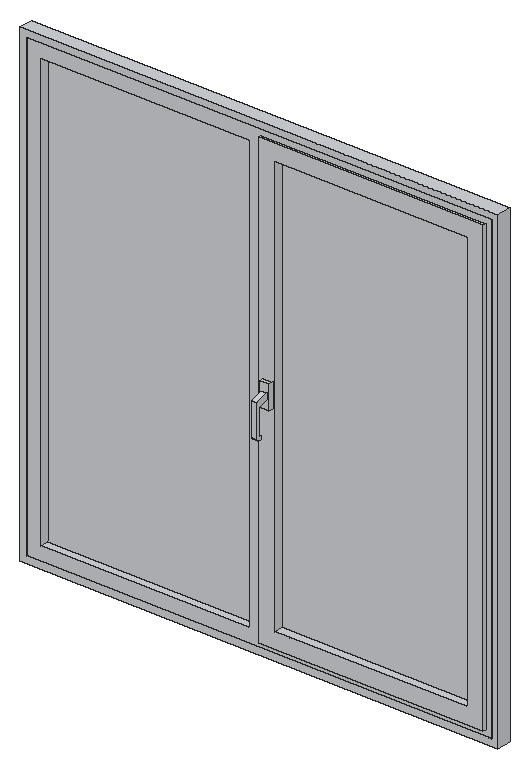
Revit family "Окно.Alumark_двустворчатое_S44", category Окна, Revit 2017
Family settings
  Основа = Стена
  Номер OmniClass = 23.30.20.00
  Заголовок OmniClass = Windows
  Всегда вертикально = Да
  При загрузке вырезать с полостями = Нет
  Общий = Нет
  Точка расчета площади = Нет
Parameters (values of type "1460х1460 (правое-откидное)")
  штапик_ширина = 18 mm  # constant formula
  штапик_толщина = if(Тип стеклопакета = сп_24_мм, 20 mm, 28 mm)  # 28 mm
  четверть.справа.размер [instance] = if(Одинаковые четверти, Четверти, Четверть справа)  # 0 mm
  стена_толщина [instance] = 600 mm
  створка_ширина = Rough Width - (рама_ширина * 2)  # 1372 mm
  створка_тип-2 = Створка оконная : 48/59 мм (ALM244202)
  створка_тип-1 = Створка оконная : 32/43 мм (ALM244201)
  створка_справа_ширина = створка_справа_размер - рама_ширина - (импост_ширина / 2)  # 655 mm
  створка_справа_размер = if(Равные створки, Rough Width / 2, Ширина створки справа)  # 730 mm
  створка_слева_ширина = Rough Width - створка_справа_размер - рама_ширина - (импост_ширина / 2)  # 655 mm
  створка_высота = Rough Height - (рама_ширина * 2)  # 1372 mm
  размер_Z = if(#_рамы = 2000000, 42 mm, 26 mm)  # 26 mm
  размер_Y = if(#_рамы = 2000000, 36 mm, 20 mm)  # 20 mm
  размер_X = if(#_створки = 20000, 59 mm, 43 mm)  # 43 mm
  профиль_створка_справа_длина = if(Створка справа = глухая_створка, 0 mm, ((створка_справа_размер - (размер_Y * 2)) + (Rough Height - (размер_Y * 2))) * 2)  # 4220 mm
  профиль_створка_слева_длина = if(Створка слева = глухая_створка, 0 mm, (((Rough Width - створка_справа_размер) - (размер_Y * 2)) + (Rough Height - (размер_Y * 2))) * 2)  # 0 mm
  подоконник_глубина [instance] = if(стена_толщина < (Вставка окна + рама_толщина), Выступ подоконника + Выступ проёма внутри, (стена_толщина + Выступ подоконника + Выступ проёма внутри) - (Вставка окна + рама_толщина))  # 586 mm
  обозначение_проема_ширина = Rough Width / 6  # 243.333 mm
  обозначение_проема_высота = Rough Height / 6  # 243.333 mm
  импост_ширина = if(#_рамы = 2000000, 78 mm, 62 mm)  # 62 mm
  глухая_створка = Окна.Alumark_створка_двупольная (S44) : Глухая
  Четверть справа [instance] = 65 mm
  четверть.слева.размер [instance] = if(Одинаковые четверти, Четверти, Четверть слева)  # 0 mm
  Четверть слева [instance] = 65 mm
  четверть.сверху.размер [instance] = if(Одинаковые четверти, Четверти, Четверть сверху)  # 0 mm
  Четверть сверху [instance] = 75 mm
  Четверти [instance] = 0 mm
  профиль створки_ширина = if(#_створки = 20000, 59 mm, 43 mm)  # 43 mm
  Тип стеклопакета = 16мм 1-камерный : 16мм 1-камерный
  Тип створки = Створка оконная : 32/43 мм (ALM244201)
  ТБМ_Стеклопакет_Ширина 2 = if(Створка слева = глухая_створка, (Rough Width - створка_справа_размер) - ((размер_Z + 7 mm) * 2), (Rough Width - створка_справа_размер) - ((размер_Y + размер_X + 4 mm) * 2))  # 664 mm
  ТБМ_Стеклопакет_Ширина 1 = if(Створка справа = глухая_створка, створка_справа_размер - ((размер_Z + 7 mm) * 2), створка_справа_размер - ((размер_Y + размер_X + 4 mm) * 2))  # 596 mm
  ТБМ_Стеклопакет_Высота 2 = if(Створка слева = глухая_створка, Rough Height - ((размер_Z + 7 mm) * 2), Rough Height - ((размер_Y + размер_X + 4 mm) * 2))  # 1394 mm
  ТБМ_Стеклопакет_Высота 1 = if(Створка справа = глухая_створка, Rough Height - ((размер_Z + 7 mm) * 2), Rough Height - ((размер_Y + размер_X + 4 mm) * 2))  # 1326 mm
  ТБМ_Соответствие рекомендациям = if(or(Rough Width > 2400 mm, Rough Height > 2500 mm), "Размеры окна не соответствует рекомендациям компании ТБМ, требуется индивидуальный подбор", "Размеры окна соответствует рекомендациям компании ТБМ")  # "Размеры окна соответствует рекомендациям компании ТБМ"
  ТБМ_Расход_Клей = ((if(#_рамы = 2000000, 5, if(#_рамы = 3000000, 7, 3.5))) * 8) + (if(Створка справа = глухая_створка, 0, if(#_створки = 30000, 10.5, if(#_створки = 40000, 15.5, 8.5))) * 4) * 2  # 96
  ТБМ_Площадь стеклопакета = (ТБМ_Стеклопакет_Высота 1 * ТБМ_Стеклопакет_Ширина 1) + (ТБМ_Стеклопакет_Высота 2 * ТБМ_Стеклопакет_Ширина 2)  # 1.71591 m²
  ТБМ_Количество_Уголок жесткости = (if(Створка справа = глухая_створка, 0, 4)) + (if(Створка слева = глухая_створка, 0, 4))  # 4
  ТБМ_Количество_Уголок выравнивающий = (if(Створка справа = глухая_створка, 0, 4)) + (if(Створка слева = глухая_створка, 0, 4)) + 4  # 8
  ТБМ_Количество_Угловой соединитель створки = (if(Створка справа = глухая_створка, 0, 4)) + (if(Створка слева = глухая_створка, 0, 4))  # 4
  ТБМ_Количество_Угловой соединитель рамы = 4  # constant formula
  ТБМ_Количество_Распорный штифт = (ТБМ_Количество_Угловой соединитель рамы * 4) + (ТБМ_Количество_Угловой соединитель створки * 4)  # 32
  ТБМ_Количество_Подкладка под СП = 12  # constant formula
  ТБМ_Длина_Штапик = (if(Створка справа = глухая_створка, ((створка_справа_размер - (размер_Z * 2)) + (Rough Height - (размер_Z * 2))) * 2, ((створка_справа_размер - ((размер_Y + размер_X) * 2)) + (Rough Height - ((размер_Y + размер_X) * 2))) * 2)) + (if(Створка слева = глухая_створка, (((Rough Width - створка_справа_размер) - (размер_Z * 2)) + (Rough Height - (размер_Z * 2))) * 2, (((Rough Width - створка_справа_размер) - ((размер_Y + размер_X) * 2)) + (Rough Height - ((размер_Y + размер_X) * 2))) * 2))  # 8048 mm
  ТБМ_Длина_Уплотнитель притвора = (if(Створка справа = глухая_створка, 0 mm, ТБМ_Длина_Створка)) + (if(Створка слева = глухая_створка, 0 mm, ТБМ_Длина_Створка))  # 4220 mm
  ТБМ_Длина_Уплотнитель наружный = (if(Створка справа = глухая_створка, ТБМ_Длина_Рама, ТБМ_Длина_Створка)) + (if(Створка слева = глухая_створка, ТБМ_Длина_Рама, ТБМ_Длина_Створка))  # 10060 mm
  ТБМ_Длина_Уплотнитель внутренний = (if(Створка справа = глухая_створка, ТБМ_Длина_Рама, ТБМ_Длина_Створка)) + (if(Створка слева = глухая_створка, ТБМ_Длина_Рама, ТБМ_Длина_Створка))  # 10060 mm
  ТБМ_Длина_Створка = профиль_створка_слева_длина + профиль_створка_справа_длина  # 4220 mm
  ТБМ_Длина_Рама = (Rough Width + Rough Height) * 2  # 5840 mm
  ТБМ_Длина_Отлив = (if(Створка справа = глухая_створка, 0 mm, створка_справа_размер - (размер_Y * 2) - 74 mm)) + (if(Створка слева = глухая_створка, 0 mm, (Rough Width - створка_справа_размер) - (размер_Y * 2) - 74 mm))  # 616 mm
  ТБМ_Длина_Импост = Rough Height - (размер_Y * 2)  # 1420 mm
  ТБМ_Артикул_Штапик = if(Тип стеклопакета = сп_24_мм, "ALM244006", "ALM244013")  # "ALM244013"
  ТБМ_Артикул_Уплотнитель притвора = if(and(Створка справа = глухая_створка, Створка слева = глухая_створка), "", "ALM770001")  # "ALM770001"
  ТБМ_Артикул_Уплотнитель наружный = "ALM770004"  # constant formula
  ТБМ_Артикул_Уплотнитель внутренний = "ALM770207"  # constant formula
  ТБМ_Артикул_Уголок жесткости = if(and(Створка справа = глухая_створка, Створка слева = глухая_створка), "", "ALM744501")  # "ALM744501"
  ТБМ_Артикул_Уголок выравнивающий = "ALM744014"  # constant formula
  ТБМ_Артикул_Угловой соединитель створки = if(and(Створка справа = глухая_створка, Створка слева = глухая_створка), "", if(#_створки = 20000, "ALM420015", "ALM420011"))  # "ALM420011"
  ТБМ_Артикул_Угловой соединитель рамы = if(#_рамы = 2000000, "ALM420015", "ALM420011")  # "ALM420011"
  ТБМ_Артикул_Створка = if(and(Створка справа = глухая_створка, Створка слева = глухая_створка), "", if(#_створки = 20000, "ALM244202", "ALM244201"))  # "ALM244201"
  ТБМ_Артикул_Распорный штифт = "ALM885010"  # constant formula
  ТБМ_Артикул_Рама = if(#_рамы = 2000000, "ALM244102", "ALM244101")  # "ALM244101"
  ТБМ_Артикул_Подкладка под СП = "ALM740307"  # constant formula
  ТБМ_Артикул_Отлив = if(and(Створка справа = глухая_створка, Створка слева = глухая_створка), "", "ALM460035-1.07")  # "ALM460035-1.07"
  ТБМ_Артикул_Клей = "KMR0014"  # constant formula
  ТБМ_Артикул_Импост = if(#_рамы = 2000000, "ALM244302", "ALM244301")  # "ALM244301"
  Ширина створки справа = 600 mm
  Створка слева = Окна.Alumark_створка_двупольная (S44) : Глухая
  Створка справа = Окна.Alumark_створка_двупольная (S44) : Правая-откидная
  Тип рамы = Рама оконная : 44/26 мм (ALM244101)
  Тип подоконника [instance] = Окна.Alumark_подоконник : ПВХ
  таблица выбора = "Каталог_окна_S44"  # constant formula
  номер профиля = #_рамы + #_створки + if(Тип стеклопакета = сп_24_мм, 200, 100) + if(Заполнение стеклопакета = sp_energy, 2, if(Заполнение стеклопакета = sp_gaz, 3, 1))  # 1010101
  Разработчик (телефон) = "+7(495)649-85-43"  # constant formula
  Разработчик (e-mail) = "office@prorubim.com"  # constant formula
  Разработчик = "ООО ПРОРУБИМ"  # constant formula
  Равные створки = yes
  Материал фурнитуры = none
  Материал стекла = none
  рама_ширина = if(#_рамы = 2000000, 60 mm, 44 mm)  # 44 mm
  рама_толщина = 44 mm  # constant formula
  Материал рамы/створки = none
  Одинаковые четверти [instance] = yes
  Одинаковые монтажные зазоры [instance] = yes
  Type Comments = ""
  Type Image = схема_двупольное.png
  Заполнение стеклопакета = Обычный стеклопакет : Обычный стеклопакет
  Выступ проёма снаружи [instance] = 0 mm
  Выступ проёма внутри [instance] = 0 mm
  Выступ подоконника [instance] = 30 mm
  Материал подоконника = none
  Подоконник [instance] = no
  Отлив [instance] = no
  монтажный зазор.справа.размер [instance] = if(Одинаковые монтажные зазоры, Монтажные зазоры, [Монтажный зазор (справа)])  # 20 mm
  Монтажный зазор (справа) [instance] = 10 mm
  монтажный зазор.снизу.размер [instance] = if(Одинаковые монтажные зазоры, Монтажные зазоры, [Монтажный зазор (снизу)])  # 20 mm
  Монтажный зазор (снизу) [instance] = 10 mm
  монтажный зазор.слева.размер [instance] = if(Одинаковые монтажные зазоры, Монтажные зазоры, [Монтажный зазор (слева)])  # 20 mm
  Монтажный зазор (слева) [instance] = 10 mm
  монтажный зазор.сверху.размер [instance] = if(Одинаковые монтажные зазоры, Монтажные зазоры, [Монтажный зазор (сверху)])  # 20 mm
  Монтажный зазор (сверху) [instance] = 10 mm
  Монтажные зазоры [instance] = 20 mm
  Вставка окна [instance] = 0 mm
  Width [instance] = Rough Width + монтажный зазор.слева.размер + монтажный зазор.справа.размер  # 1500 mm
  Thermal Resistance (R) = 0.1743 (m²·K)/W
  Visual Light Transmittance = 0.9
  Rough Width = 1460 mm
  Rough Height = 1460 mm
  Описание = "Окно Проем ТБМ"
  Материал отлива = none
  Solar Heat Gain Coefficient = 0.86
  Коэффициент теплопередачи (U) = 5.7361 W/(m²·K)
  Изготовитель = "ТБМ"  # constant formula
  Model = ""
  Высота подоконника по умолчанию = 900 mm
  Замыкание стены = По основе
  Height [instance] = Rough Height + монтажный зазор.сверху.размер + монтажный зазор.снизу.размер  # 1500 mm
  Аналитическая конструкция = "Окна с одинарным остеклением - для жилых зданий"
  Автоматический подбор рамы и створки = yes
  sp_standart = Обычный стеклопакет : Обычный стеклопакет
  sp_gaz = Заполненный газом : Заполненный газом
  sp_energy = Энергосберегающие стекла : Энергосберегающие стекла
  ADSK_Марка [instance] = ""
  рама_тип-2 = Рама оконная : 60/42 мм (ALM244102)
  рама_тип-1 = Рама оконная : 44/26 мм (ALM244101)
  URL = "http://www.tbm.ru"
  ADSK_Откосы Глубина [instance] = 556 mm
  ADSK_Обозначение = "ГОСТ 21519-2003"
  ADSK_Наименование = size_lookup(таблица выбора, "", "ОАК СПО", номер профиля)  # "ОАК (Профиль рамы 44/26 мм. Профиль створки 32/43 мм) СПО (Обычный стеклопакет 16 мм)"
  сп_16_мм = 16мм 1-камерный : 16мм 1-камерный
  сп_24_мм = 24мм 1-камерный : 24мм 1-камерный
  ADSK_Завод-изготовитель = "ТБМ"  # constant formula
  #_створки = if(Створка справа = глухая_створка, 0, if(Автоматический подбор рамы и створки, if(and(not(Rough Width > 1600 mm), not(Rough Height > 1600 mm)), 10000, 20000), if(Тип створки = [створка_тип-2], 20000, 10000)))  # 10000
  #_рамы = if(Автоматический подбор рамы и створки, if(and(not(Rough Width > 1600 mm), not(Rough Height > 1600 mm)), 1000000, 2000000), if(Тип рамы = [рама_тип-2], 2000000, 1000000))  # 1000000
Reference planes
  plane 1 "По центру (Вперед/Назад)": y = 0
  plane 2 "По центру (Влево/Вправо)": x = 0
  plane 3 "Слева": x = -750
  plane 4 "Справа": x = 750
  plane 5 "Подоконник": z = 900
  plane 6 "Заголовок": z = 2400
  plane 7 "Наружный": y = 300
  plane 8 "Внутренние": y = -300
  plane 9 "вставка окна": y = 300
  plane 10: x = -750
  plane 11: x = 750
  plane 12: z = 2400
  plane 13: x = -730
  plane 14: x = 730
  plane 15: z = 2380
  plane 16: z = 920
  plane 17: y = 256
  plane 18: y = 300
  plane 19: y = -300
  plane 20: x = 0
  plane 21: y = 246
Forms (mm)
  Extrusion 1, solid, material <- "Материал рамы/створки", detail levels medium+fine
    sketch origin (0, 300, 0) x (1, 0, 0) y (0, 0, 1)
      loop
        line (-750, 2400) -> (-750, 900) -> (750, 900) -> (750, 2400) -> (-750, 2400)
    from 0 to 44
  Extrusion 2, void
    sketch origin (0, 300, 0) x (1, 0, 0) y (0, 0, 1)
      loop
        line (730, 2380) -> (-730, 2380) -> (-730, 920) -> (730, 920) -> (730, 2380)
    from 0 to 44
  Extrusion 3, void
    sketch origin (0, 300, 0) x (1, 0, 0) y (0, 0, 1)
      loop
        line (750, 900) -> (750, 2400) -> (-750, 2400) -> (-750, 900) -> (750, 900)
    from 0 to 44
  Extrusion 4, void
    sketch origin (0, -300, 0) x (1, 0, 0) y (0, 0, 1)
      loop
        line (-750, 900) -> (750, 900) -> (750, 2400) -> (-750, 2400) -> (-750, 900)
    from -600 to 0
  Sweep 5, solid, material <- "Материал рамы/створки", detail levels medium+fine
    path origin (0, 300, 0) x (-1, 0, 0) y (0, 0, 1)
      loop
        line (730, 920) -> (730, 2380) -> (-730, 2380) -> (-730, 920) -> (730, 920)
    profile origin (-730, 300, 1650) x (1, 0, 0) y (0, 1, 0)
      loop
        line (0, 0) -> (0, -44) -> (44, -44) -> (44, 0) -> (0, 0)
  Extrusion 6, solid, material <- "Материал отлива", visible <- "Отлив", detail levels fine
    sketch origin (0, 0, 0) x (0, -1, 0) y (0, 0, 1)
      loop
        line (-300, 900) -> (-300, 925) -> (-320, 900) -> (-300, 900)
    from -750 to 750
  Extrusion 7, solid, material <- "Материал стекла", detail levels coarse
    sketch origin (0, 300, 0) x (-1, 0, 0) y (0, 0, 1)
      loop
        line (750, 900) -> (750, 2400) -> (-750, 2400) -> (-750, 900) -> (750, 900)
    from 0 to -44
  Extrusion 8, solid, material <- "Материал рамы/створки", detail levels medium+fine
    sketch origin (-1774.642, -245, 920) x (-1, 0, 0) y (0, -1, 0)
      loop
        line (-1743.642, -545) -> (-1743.642, -501) -> (-1805.642, -501) -> (-1805.642, -545) -> (-1743.642, -545)
    from 0 to 1460
Cuts and joins
  Extrusion 2 cuts Extrusion 1
  joined: Sweep 5, Extrusion 8
Lines and regions (mm)
  Masking region 1, detail levels coarse+medium
    outline origin (0, 0, 0) x (1, 0, 0) y (0, 1, 0)
      loop
        line (-750, 256) -> (-686, 256) -> (-686, 300) -> (-750, 300) -> (-750, 256)
  Masking region 2, detail levels coarse+medium
    outline origin (-863.485, 0, 0) x (0, 1, 0) y (-1, 0, 0)
      loop
        line (256, -1613.485) -> (300, -1613.485) -> (300, -1549.485) -> (256, -1549.485) -> (256, -1613.485)
  Masking region 3, detail levels coarse+medium
    outline origin (0, 0, 0) x (0, -1, 0) y (0, 0, 1)
      loop
        line (-300, 964) -> (-300, 900) -> (-256, 900) -> (-256, 964) -> (-300, 964)
      loop
        line (-300, 2336) -> (-256, 2336) -> (-256, 2400) -> (-300, 2400) -> (-300, 2336)
  Masking region 4, detail levels fine
    outline origin (0, 0, 0) x (1, 0, 0) y (0, 1, 0)
      loop
        line (-750, 300) -> (-750, 256) -> (-704, 256) -> (-704, 274) -> (-704, 290) -> (-686, 290) -> (-686, 300) -> (-750, 300)
      loop
        line (750, 300) -> (686, 300) -> (686, 290) -> (704, 290) -> (704, 274) -> (704, 256) -> (750, 256) -> (750, 300)
      loop
        line (-31, 300) -> (-31, 290) -> (-13, 290) -> (-13, 274) -> (-13, 256) -> (13, 256) -> (13, 274) -> (13, 290) -> (31, 290) -> (31, 300) -> (-31, 300)
  Masking region 5, visible <- "Отлив", detail levels fine
    outline origin (0, 0, 0) x (1, 0, 0) y (0, 1, 0)
      loop
        line (-750, 320) -> (-750, 300) -> (750, 300) -> (750, 320) -> (-750, 320)
  Masking region 6, detail levels fine
    outline origin (0, 0, 0) x (0, -1, 0) y (0, 0, 1)
      loop
        line (-300, 2400) -> (-300, 2336) -> (-291, 2336) -> (-291, 2354) -> (-284, 2354) -> (-256, 2354) -> (-256, 2400) -> (-300, 2400)
      loop
        line (-300, 900) -> (-256, 900) -> (-256, 946) -> (-284, 946) -> (-291, 946) -> (-291, 964) -> (-300, 964) -> (-300, 900)
  Masking region 7, detail levels coarse+medium
    outline origin (270, 0, 0) x (1, 0, 0) y (0, 1, 0)
      loop
        line (-301, 256) -> (-239, 256) -> (-239, 300) -> (-301, 300) -> (-301, 256)
  symbolic lines, style "Монтажный зазор", detail levels medium+fine
    curve 1: line (-730, 256, 0) -> (-730, 300, 0)
    curve 2: line (730, 256, 0) -> (730, 300, 0)
    curve 15: line (0, 300, 2380) -> (0, 256, 2380)
    curve 20: line (0, 300, 920) -> (0, 256, 920)
  symbolic lines, style "WindowsFrameMullionProjection", detail levels medium
    curve 3: line (-750, 300, 0) -> (-686, 300, 0)
    curve 4: line (-750, 256, 0) -> (-750, 300, 0)
    curve 5: line (-686, 256, 0) -> (-750, 256, 0)
    curve 6: line (-686, 300, 0) -> (-686, 256, 0)
    curve 7: line (750, 300, 0) -> (686, 300, 0)
    curve 8: line (750, 256, 0) -> (750, 300, 0)
    curve 9: line (686, 256, 0) -> (750, 256, 0)
    curve 10: line (686, 300, 0) -> (686, 256, 0)
    curve 11: line (0, 300, 2336) -> (0, 256, 2336)
    curve 12: line (0, 300, 2400) -> (0, 300, 2336)
    curve 13: line (0, 256, 2400) -> (0, 300, 2400)
    curve 14: line (0, 256, 2336) -> (0, 256, 2400)
    curve 16: line (0, 300, 900) -> (0, 256, 900)
    curve 17: line (0, 300, 964) -> (0, 300, 900)
    curve 18: line (0, 256, 964) -> (0, 300, 964)
    curve 19: line (0, 256, 900) -> (0, 256, 964)
    curve 25: line (31, 256, 0) -> (31, 300, 0)
    curve 26: line (-31, 300, 0) -> (-31, 256, 0)
    curve 27: line (-31, 256, 0) -> (31, 256, 0)
    curve 28: line (31, 300, 0) -> (-31, 300, 0)
  symbolic lines, style "WindowsSillHeadProjection", visible <- "Отлив", detail levels fine
    curve 21: line (0, 300, 930) -> (0, 320, 900)
    curve 22: line (0, 320, 900) -> (0, 320, 880)
  symbolic lines, style "WindowsOpeningProjection", detail levels coarse
    curve 23: line (750, 300, 900) -> (506.667, 300, 2156.667)
    curve 24: line (506.667, 300, 2156.667) -> (-750, 300, 2400)
Text (mm)
  text "снаружи" at (-3563.287, 2147.979, 0), in view "Опорный уровень"
  text "внутри" at (-3563.287, -2095.377, 0), in view "Опорный уровень"
  text "Exterior" at (0, 923.751, 2943.296), in view "Справа"
  text "Exterior" at (0, 1040.484, 2685.409), in view "Слева"
Dimensions and locks
  equal spacing: plane 3 "Слева", plane 2 "По центру (Влево/Вправо)", plane 4 "Справа"
  "Width": plane 3 "Слева" to plane 4 "Справа"
  "Height": plane 5 "Подоконник" to plane 6 "Заголовок"
  "Высота подоконника по умолчанию": plane 5 "Подоконник" to level
  locked: plane 7 "Наружный" to host wall at 0
  locked: plane 8 "Внутренние" to host wall
  "Вставка окна": plane 9 "вставка окна" to plane 7 "Наружный"
  "четверть.слева.размер": plane 3 "Слева" to plane 10
  "четверть.справа.размер": plane 11 to plane 4 "Справа"
  "четверть.сверху.размер": plane 12 to plane 6 "Заголовок"
  "монтажный зазор.слева.размер": plane 3 "Слева" to plane 13
  "монтажный зазор.справа.размер": plane 14 to plane 4 "Справа"
  "монтажный зазор.снизу.размер": plane 16 to plane 5 "Подоконник"
  "монтажный зазор.сверху.размер": plane 6 "Заголовок" to plane 15
  "рама_толщина": plane 9 "вставка окна" to plane 17
  "Выступ проёма снаружи": plane 7 "Наружный" to plane 18
  "Выступ проёма внутри": plane 19 to plane 8 "Внутренние"
  "рама_ширина": plane 13 to curve 6
  "рама_ширина": curve 10 to plane 14
  "рама_ширина": plane 13 to Masking region 1 sketch curve
  "рама_ширина": Masking region 2 sketch curve to plane 14
  "рама_ширина": plane 15 to curve 11
  "рама_ширина": plane 16 to curve 18
  locked: Extrusion 6 sketch curve to plane 18 at 20
  locked: Extrusion 6 sketch curve to plane 16 at 5
  "рама_ширина": plane 13 to Masking region 4 sketch curve
  locked: plane 9 "вставка окна" to Masking region 4 sketch curve at 10  (x4)
  "штапик_ширина": Masking region 4 sketch curve to Masking region 4 sketch curve  (x4)
  "рама_ширина": Masking region 4 sketch curve to plane 14
  "штапик_толщина": Masking region 4 sketch curve to plane 21  (x4)
  locked: curve 22 to plane 18 at 20
  locked: curve 22 to plane 5 "Подоконник" at 20
  locked: curve 21 to plane 16 at 10
  locked: plane 18 to Masking region 5 sketch curve at 20
  "рама_ширина": Masking region 3 sketch curve to plane 16
  "рама_ширина": Masking region 3 sketch curve to plane 15
  "рама_ширина": plane 15 to Masking region 6 sketch curve
  locked: plane 9 "вставка окна" to Masking region 6 sketch curve at 9  (x2)
  "штапик_толщина": Masking region 6 sketch curve to plane 17  (x2)
  "штапик_ширина": Masking region 6 sketch curve to Masking region 6 sketch curve  (x2)
  "рама_ширина": Masking region 6 sketch curve to plane 16
  "ADSK_Откосы Глубина": plane 17 to plane 8 "Внутренние"
  "обозначение_проема_высота": curve 24 to plane 12
  "обозначение_проема_ширина": plane 11 to curve 24
  "рама_ширина": profile plane to Sweep 5 sketch curve
  "рама_толщина": profile plane to Sweep 5 sketch curve
  "стена_толщина": host wall to host wall
  "створка_справа_размер": plane 20 to plane 14
  equal spacing: Extrusion 8 sketch curve, plane 20, Extrusion 8 sketch curve
  "рама_толщина": plane 9 "вставка окна" to Extrusion 8 sketch curve
  "импост_ширина": Extrusion 8 sketch curve to Extrusion 8 sketch curve
  equal spacing: Masking region 7 sketch curve, plane 20, Masking region 7 sketch curve
  "импост_ширина": Masking region 7 sketch curve to Masking region 7 sketch curve
  equal spacing: Masking region 4 sketch curve, plane 20, Masking region 4 sketch curve
  "импост_ширина": Masking region 4 sketch curve to Masking region 4 sketch curve
  locked: plane 17 to plane 21 at 10
  aligned and locked: plane 6 "Заголовок" to Extrusion 1 sketch curve
  aligned and locked: plane 5 "Подоконник" to Extrusion 1 sketch curve
  aligned and locked: plane 4 "Справа" to Extrusion 1 sketch curve
  aligned and locked: plane 3 "Слева" to Extrusion 1 sketch curve
  aligned and locked: plane 9 "вставка окна" to Extrusion 1
  aligned and locked: Extrusion 1 to plane 17
  aligned and locked: plane 15 to Extrusion 2 sketch curve
  aligned and locked: Extrusion 2 sketch curve to plane 14
  aligned and locked: Extrusion 2 sketch curve to plane 16
  aligned and locked: plane 13 to Extrusion 2 sketch curve
  aligned and locked: plane 9 "вставка окна" to Extrusion 2
  aligned and locked: Extrusion 2 to plane 17
  aligned and locked: plane 11 to Extrusion 3 sketch curve
  aligned and locked: plane 10 to Extrusion 3 sketch curve
  aligned and locked: plane 12 to Extrusion 3 sketch curve
  aligned and locked: plane 5 "Подоконник" to Extrusion 3 sketch curve
  aligned and locked: plane 18 to Extrusion 3
  aligned and locked: Extrusion 3 to plane 17
  aligned and locked: Extrusion 4 sketch curve to plane 3 "Слева"
  aligned and locked: Extrusion 4 sketch curve to plane 6 "Заголовок"
  aligned and locked: Extrusion 4 sketch curve to plane 4 "Справа"
  aligned and locked: Extrusion 4 sketch curve to plane 5 "Подоконник"
  aligned and locked: plane 9 "вставка окна" to Extrusion 4
  aligned and locked: Extrusion 4 to plane 19
  aligned and locked: plane 15 to Sweep 5 sketch curve
  aligned and locked: plane 16 to Sweep 5 sketch curve
  aligned and locked: curve 1 to plane 13
  aligned and locked: curve 2 to plane 14
  aligned and locked: plane 17 to curve 1
  aligned and locked: plane 9 "вставка окна" to curve 2
  aligned and locked: plane 17 to curve 2
  aligned and locked: curve 3 to plane 9 "вставка окна"
  aligned and locked: plane 17 to curve 5
  aligned and locked: curve 4 to plane 3 "Слева"
  aligned and locked: curve 8 to plane 4 "Справа"
  aligned and locked: curve 9 to plane 17
  aligned and locked: Masking region 1 sketch curve to plane 9 "вставка окна"
  aligned and locked: Masking region 1 sketch curve to plane 17
  aligned and locked: Masking region 1 sketch curve to plane 3 "Слева"
  aligned and locked: plane 17 to Masking region 2 sketch curve
  aligned and locked: plane 9 "вставка окна" to Masking region 2 sketch curve
  aligned and locked: Masking region 2 sketch curve to plane 4 "Справа"
  aligned and locked: Masking region 3 sketch curve to plane 9 "вставка окна"
  aligned and locked: plane 17 to Masking region 3 sketch curve
  aligned and locked: Masking region 3 sketch curve to plane 5 "Подоконник"
  aligned and locked: curve 13 to plane 6 "Заголовок"
  aligned and locked: curve 14 to plane 17
  aligned and locked: plane 9 "вставка окна" to curve 15
  aligned and locked: plane 17 to curve 15
  aligned and locked: curve 15 to plane 15
  aligned and locked: plane 9 "вставка окна" to curve 17
  aligned and locked: plane 5 "Подоконник" to curve 16
  aligned and locked: plane 9 "вставка окна" to curve 20
  aligned and locked: plane 17 to curve 20
  aligned and locked: curve 20 to plane 16
  aligned and locked: Extrusion 6 sketch curve to plane 5 "Подоконник"
  aligned and locked: Extrusion 6 sketch curve to plane 9 "вставка окна"
  aligned and locked: Extrusion 6 to plane 10
  aligned and locked: plane 11 to Extrusion 6
  aligned and locked: nested 2 to plane 2 "По центру (Влево/Вправо)"
  aligned and locked: plane 5 "Подоконник" to nested 2
  aligned and locked: Masking region 4 sketch curve to plane 3 "Слева"
  aligned and locked: plane 17 to Masking region 4 sketch curve  (x2)
  aligned and locked: Masking region 4 sketch curve to plane 9 "вставка окна"  (x2)
  aligned and locked: Masking region 4 sketch curve to plane 4 "Справа"
  aligned and locked: Masking region 4 sketch curve to plane 17
  aligned and locked: plane 9 "вставка окна" to Masking region 4 sketch curve
  aligned and locked: plane 5 "Подоконник" to curve 22
  aligned and locked: nested 2 to plane 17
  aligned and locked: plane 10 to Masking region 5 sketch curve
  aligned and locked: Masking region 5 sketch curve to plane 11
  aligned and locked: plane 9 "вставка окна" to Masking region 5 sketch curve
  aligned and locked: plane 9 "вставка окна" to Masking region 3 sketch curve
  aligned and locked: Masking region 3 sketch curve to plane 17
  aligned and locked: Masking region 3 sketch curve to plane 6 "Заголовок"
  aligned and locked: plane 9 "вставка окна" to Masking region 6 sketch curve
  aligned and locked: plane 6 "Заголовок" to Masking region 6 sketch curve
  aligned and locked: plane 17 to Masking region 6 sketch curve
  aligned and locked: Masking region 6 sketch curve to Masking region 6 sketch curve  (x2)
  aligned and locked: Masking region 6 sketch curve to plane 9 "вставка окна"
  aligned and locked: Masking region 6 sketch curve to plane 17
  aligned and locked: plane 5 "Подоконник" to Masking region 6 sketch curve
  aligned and locked: plane 3 "Слева" to Extrusion 7 sketch curve
  aligned and locked: plane 4 "Справа" to Extrusion 7 sketch curve
  aligned and locked: plane 6 "Заголовок" to Extrusion 7 sketch curve
  aligned and locked: plane 5 "Подоконник" to Extrusion 7 sketch curve
  aligned and locked: Extrusion 7 to plane 17
  aligned and locked: Sweep 5 sketch curve to profile plane  (x2)
  aligned and locked: nested 1 to Sweep 5
  aligned and locked: plane 13 to Sweep 5
  aligned and locked: plane 13 to Sweep 5 sketch curve
  aligned and locked: plane 14 to Sweep 5 sketch curve
  aligned and locked: Extrusion 8 sketch curve to plane 9 "вставка окна"
  aligned and locked: plane 15 to Extrusion 8
  aligned and locked: nested 1 to cut or joined group of Sweep 5, Extrusion 8
  aligned and locked: nested 3 to cut or joined group of Sweep 5, Extrusion 8  (x2)
  aligned and locked: Masking region 7 sketch curve to plane 17
  aligned and locked: Masking region 7 sketch curve to plane 9 "вставка окна"
  aligned and locked: curve 25 to Masking region 7
  aligned and locked: curve 26 to Masking region 7
  aligned and locked: curve 27 to Masking region 7
  aligned and locked: curve 28 to Masking region 7
Automatic sketch dimensions
  curve 27 to plane 17 = 0 mm
  curve 26 to host wall = 0 mm
  plane 2 "По центру (Влево/Вправо)" to curve 27 = 31 mm
  curve 28 to plane 2 "По центру (Влево/Вправо)" = 31 mm
  plane 3 "Слева" to curve 24 = 0 mm
  plane 4 "Справа" to curve 23 = 0 mm
  curve 23 to plane 5 "Подоконник" = 0 mm
  curve 24 to plane 6 "Заголовок" = 0 mm
Nested families
  nested 1: "Окна.Alumark_створка_двупольная (S44)" at (358.5, 300, 1650) x (1, 0, 0) z (0, -1, 0), type <- "Створка справа", профиль_толщина <- "рама_толщина", штапик_толщина <- "штапик_толщина", штапик_ширина <- "штапик_ширина", профиль_ширина <- "профиль створки_ширина", Height <- "створка_высота", Width <- "створка_справа_ширина", ADSK_Марка <- "ADSK_Марка", Материал створки <- "Материал рамы/створки", Материал стекла <- "Материал стекла", Материал фурнитуры <- "Материал фурнитуры", type "Правая-откидная"
    with штапик_ширина 18 mm, штапик_толщина 28 mm, профиль_ширина 43 mm, профиль_толщина 44 mm, Width 655 mm, Материал фурнитуры none, Материал стекла none, Материал створки none, Height 1372 mm, ADSK_Марка ""
  nested 2: "Окна.Alumark_подоконник" at (0, 256, 900), Материал подоконника <- "Материал подоконника", Width <- "Width", type <- "Тип подоконника", visible <- "Подоконник", выступ_подоконника <- "Выступ подоконника", ADSK_Размер_Глубина <- "подоконник_глубина", ADSK_Марка <- "ADSK_Марка", type "ПВХ", detail levels medium+fine
    with выступ_подоконника_размер 30 mm, выступ_подоконника 30 mm, Width 1500 mm, Материал подоконника none, ADSK_Размер_Глубина 586 mm, ADSK_Марка ""
  nested 3: "Окна.Alumark_створка_двупольная (S44)" at (-358.5, 300, 1650) x (1, 0, 0) z (0, -1, 0), type <- "Створка слева", профиль_толщина <- "рама_толщина", штапик_толщина <- "штапик_толщина", штапик_ширина <- "штапик_ширина", профиль_ширина <- "профиль створки_ширина", Height <- "створка_высота", Width <- "створка_слева_ширина", ADSK_Марка <- "ADSK_Марка", Материал створки <- "Материал рамы/створки", Материал стекла <- "Материал стекла", Материал фурнитуры <- "Материал фурнитуры", type "Глухая"
    with штапик_ширина 18 mm, штапик_толщина 28 mm, профиль_ширина 43 mm, профиль_толщина 44 mm, Width 655 mm, Материал фурнитуры none, Материал стекла none, Материал створки none, Height 1372 mm, ADSK_Марка ""
  nested 4: "Окна.Alumark_фурнитура_поворотно-откидная двупольная (S44)" at (34.5, 246, 1650) x (1, 0, 0) z (0, -1, 0), type "Окна.Alumark_фурнитура_поворотно-откидная двупольная (S44)"
    with Width 655 mm, ТБМ_Фурн_Кол_7 0, ТБМ_Фурн_Кол_6 0, ТБМ_Фурн_Кол_5 1, ТБМ_Фурн_Кол_4 1, ТБМ_Фурн_Кол_3 1, ТБМ_Фурн_Кол_2 1, ТБМ_Фурн_Кол_1 1, ТБМ_Фурн_Имя_7 "", ТБМ_Фурн_Имя_6 " ", ТБМ_Фурн_Имя_5 "Ножницы №1", ТБМ_Фурн_Имя_4 "Запорные элементы", ТБМ_Фурн_Имя_3 "Средний прижим", ТБМ_Фурн_Имя_2 "Петли комплект", ТБМ_Фурн_Имя_1 "Ручка Prima", ТБМ_Фурн_Арт_7 "", ТБМ_Фурн_Арт_6 " ", ТБМ_Фурн_Арт_5 "GIE1340", ТБМ_Фурн_Арт_4 "GIE1399", ТБМ_Фурн_Арт_3 "GIE1341", ТБМ_Фурн_Арт_2 "GIE1340", ТБМ_Фурн_Арт_1 "GIE1169", ТБМ_Соответствие рекомендациям "Размеры окна соответствует рекомендациям компании ТБМ", Материал ручки none, Левая no, Height 1372 mm, ADSK_Марка ""
Definition of nested family "Окна.Alumark_створка_двупольная (S44)"
  Parameters (values of type "Глухая")
    штапик_ширина [instance] = 18 mm
    штапик_толщина [instance] = 22 mm
    ручка_справа (откидная) = no
    ручка_снизу = no
    ручка_слева (откидная) = no
    Материал фурнитуры [instance] = none
    Материал стекла [instance] = none
    ручка_справа = no
    ручка_слева = no
    ручка_сверху = no
    профиль_ширина [instance] = 55 mm
    профиль_толщина [instance] = 60 mm
    Материал створки [instance] = none
    открывание.правое = no
    открывание.нижнее = no
    открывание.верхнее = no
    открывание.левое = no
    открывание = no
    графика.план.глухое = not(графика.план.открывание)  # yes
    глухое = not(открывание)  # yes
    графика.план.открывание = no
    Width [instance] = 900 mm
    Default Elevation = 0 mm
    Description = "Окно Створка ТБМ"
    Height [instance] = 900 mm
    Analytic Construction = "<Нет>"
    ADSK_Марка [instance] = ""
  Types (5, lengths in mm): name | штапик_толщина | ручка_справа (откидная) | ручка_слева (откидная) | ручка_справа | ручка_слева | открывание.правое | открывание.верхнее | открывание.левое | открывание | графика.план.глухое | глухое | графика.план.открывание | Height
    Глухая | 22 | no | no | no | no | no | no | no | no | yes | yes | no | 900
    Левая | 18 | no | no | no | yes | no | no | yes | yes | no | no | yes | 900
    Правая | 18 | no | no | yes | no | yes | no | no | yes | no | no | yes | 1000
    Левая-откидная | 18 | no | yes | no | no | no | yes | yes | yes | no | no | yes | 1000
    Правая-откидная | 18 | yes | no | no | no | yes | yes | no | yes | no | no | yes | 1000
  Reference planes
    plane 1 "Центрирование (Вверх/Вниз)": y = 0
    plane 2: z = 0
    plane 3 "По центру (Влево/Вправо)": x = 0
    plane 4: x = -450
    plane 5: x = 450
    plane 6: y = 450
    plane 7: y = -450
    plane 8: z = 70
    plane 9: x = -440.5
    plane 10: x = 440.5
    plane 11: y = 440.5
    plane 12: y = -440.5
    plane 13: x = -413
    plane 14: x = 413
    plane 15: y = 413
    plane 16: y = -413
    plane 17: z = 10
    plane 18: y = -468
    plane 19: y = 468
    plane 20: x = 468
    plane 21: x = -468
    plane 22: z = 48
    plane 23: z = 60
  Forms (mm)
    Extrusion 1, solid
      sketch origin (0, 0, 0) x (1, 0, 0) y (0, 1, 0)
        loop
          line (-1219.2, 1219.2) -> (-1219.2, -1219.2) -> (1219.2, -1219.2) -> (1219.2, 1219.2) -> (-1219.2, 1219.2)
      from 0 to -150
    Extrusion 2, solid, material <- "Материал стекла", visible <- "открывание", detail levels medium+fine
      sketch origin (-1534.635, -4572, 10) x (-1, 0, 0) y (0, -1, 0)
        loop
          line (-1947.635, -4159) -> (-1947.635, -4985) -> (-1121.635, -4985) -> (-1121.635, -4159) -> (-1947.635, -4159)
      from 0 to 38
    Sweep 3, solid, material <- "Материал створки", visible <- "открывание", detail levels medium+fine
      path origin (0, 0, 0) x (1, 0, 0) y (0, 1, 0)
        loop
          line (-450, 450) -> (-450, -450) -> (450, -450) -> (450, 450) -> (-450, 450)
      profile origin (-450, 0, 0) x (1, 0, 0) y (0, 0, 1)
        loop
          line (0, 10) -> (6, 10) -> (6, 0) -> (37, 0) -> (37, 70) -> (-25, 70) -> (-25, 60) -> (0, 60) -> (0, 10)
    Extrusion 4, solid, material <- "Материал стекла", visible <- "глухое", detail levels medium+fine
      sketch origin (0, 0, 0) x (1, 0, 0) y (0, 1, 0)
        loop
          line (-450, 450) -> (-450, -450) -> (450, -450) -> (450, 450) -> (-450, 450)
      from 10 to 38
    Extrusion 5, solid, material <- "Материал створки", visible <- "открывание", detail levels fine
      sketch origin (0, 0, 0) x (0, 1, 0) y (0, 0, 1)
        loop
          line (-444, 0) -> (-444, -15) -> (-439, -15) -> (-431.5, 0) -> (-444, 0)
      from -440 to 440
  Lines and regions (mm)
    Masking region 1, visible <- "графика.план.открывание", detail levels fine
      outline origin (0, 0, 0) x (1, 0, 0) y (0, 0, 1)
        loop
          line (-475, 70) -> (-475, 60) -> (-468, 60) -> (-468, 10) -> (-450, 10) -> (-450, 0) -> (450, 0) -> (450, 10) -> (468, 10) -> (468, 60) -> (475, 60) -> (475, 70) -> (413, 70) -> (-413, 70) -> (-475, 70)
    Masking region 2, detail levels coarse+medium
      outline origin (0, 0, 0) x (1, 0, 0) y (0, 0, 1)
        loop
          line (-450, 0) -> (450, 0) -> (450, 60) -> (-450, 60) -> (-450, 0)
    Masking region 3, visible <- "графика.план.глухое", detail levels fine
      outline origin (0, 0, 0) x (1, 0, 0) y (0, 0, 1)
        loop
          line (-468, 60) -> (-468, 48) -> (-468, 10) -> (-450, 10) -> (-450, 0) -> (450, 0) -> (450, 10) -> (468, 10) -> (468, 48) -> (468, 60) -> (450, 60) -> (-450, 60) -> (-468, 60)
    Masking region 4, detail levels coarse+medium
      outline origin (0, 0, 0) x (0, 1, 0) y (0, 0, 1)
        loop
          line (450, 60) -> (-450, 60) -> (-450, 0) -> (450, 0) -> (450, 60)
    Masking region 5, visible <- "графика.план.открывание", detail levels fine
      outline origin (0, 0, 0) x (0, 1, 0) y (0, 0, 1)
        loop
          line (-413, 70) -> (-486, 70) -> (-486, 60) -> (-468, 60) -> (-468, 10) -> (-450, 10) -> (-450, 0) -> (450, 0) -> (450, 10) -> (468, 10) -> (468, 60) -> (486, 60) -> (486, 70) -> (413, 70) -> (-413, 70)
    Masking region 6, visible <- "графика.план.глухое", detail levels fine
      outline origin (0, 0, 0) x (0, 1, 0) y (0, 0, 1)
        loop
          line (468, 60) -> (450, 60) -> (-450, 60) -> (-468, 60) -> (-468, 38) -> (-468, 10) -> (-450, 10) -> (-450, 0) -> (450, 0) -> (450, 10) -> (468, 10) -> (468, 38) -> (468, 60)
    symbolic lines, visible <- "глухое", detail levels medium
      curve 1: line (0, -120, 0) -> (0, 120, 0)
      curve 2: line (-120, 0, 0) -> (120, 0, 0)
    symbolic lines, visible <- "открывание.левое", detail levels medium
      curve 3: line (-413, 413, 0) -> (413, 0, 0)
      curve 4: line (413, 0, 0) -> (-413, -413, 0)
    symbolic lines, visible <- "открывание.правое", detail levels medium
      curve 5: line (413, 413, 0) -> (-413, 0, 0)
      curve 6: line (-413, 0, 0) -> (413, -413, 0)
    symbolic lines, visible <- "открывание.верхнее", detail levels medium
      curve 7: line (-413, -413, 0) -> (0, 413, 0)
      curve 8: line (0, 413, 0) -> (413, -413, 0)
    symbolic lines, visible <- "открывание.нижнее", detail levels medium
      curve 9: line (-413, 413, 0) -> (0, -413, 0)
      curve 10: line (0, -413, 0) -> (413, 413, 0)
    symbolic lines, visible <- "ручка_справа", detail levels fine
      curve 11: line (-450.5, 0, 130) -> (-450.5, 0, 70)
      curve 12: line (-430.5, 0, 70) -> (-430.5, 0, 130)
      curve 13: line (-430.5, 0, 130) -> (-450.5, 0, 130)
    symbolic lines, visible <- "ручка_слева", detail levels fine
      curve 14: line (450.5, 0, 70) -> (450.5, 0, 130)
      curve 15: line (430.5, 0, 130) -> (430.5, 0, 70)
      curve 16: line (450.5, 0, 130) -> (430.5, 0, 130)
    symbolic lines, visible <- "графика.план.открывание", detail levels fine
      curve 17: line (-431, 0, 48) -> (431, 0, 48)
      curve 18: line (-431, 0, 10) -> (431, 0, 10)
      curve 20: line (-413, 0, 0) -> (-450, 0, 0)
      curve 21: line (413, 0, 0) -> (450, 0, 0)
      curve 22: line (-413, 0, 0) -> (413, 0, 0)
      curve 23: line (-413, 0, 0) -> (-413, 0, 10)
      curve 24: line (-413, 0, 10) -> (-431, 0, 10)
      curve 25: line (-431, 0, 10) -> (-431, 0, 48)
      curve 26: line (-431, 0, 48) -> (-413, 0, 48)
      curve 27: line (-413, 0, 48) -> (-413, 0, 70)
      curve 28: line (413, 0, 0) -> (413, 0, 10)
      curve 29: line (413, 0, 10) -> (431, 0, 10)
      curve 30: line (431, 0, 10) -> (431, 0, 48)
      curve 31: line (431, 0, 48) -> (413, 0, 48)
      curve 32: line (413, 0, 48) -> (413, 0, 70)
      curve 40: line (0, -413, 70) -> (0, -413, 48)
      curve 41: line (0, -413, 48) -> (0, -431, 48)
      curve 42: line (0, -431, 48) -> (0, -431, 10)
      curve 43: line (0, -431, 10) -> (0, -413, 10)
      curve 44: line (0, -413, 10) -> (0, -413, 0)
      curve 45: line (0, -413, 0) -> (0, -450, 0)
      curve 46: line (0, 431, 48) -> (0, -431, 48)
      curve 47: line (0, 431, 10) -> (0, -431, 10)
      curve 48: line (0, 413, 70) -> (0, 413, 48)
      curve 49: line (0, 413, 48) -> (0, 431, 48)
      curve 50: line (0, 431, 48) -> (0, 431, 10)
      curve 51: line (0, 431, 10) -> (0, 413, 10)
      curve 52: line (0, 413, 10) -> (0, 413, 0)
      curve 53: line (0, 413, 0) -> (0, 450, 0)
    symbolic lines, detail levels medium
      curve 19: line (-450, 0, 30) -> (450, 0, 30)
      curve 39: line (0, 450, 30) -> (0, -450, 30)
    symbolic lines, visible <- "графика.план.глухое", detail levels fine
      curve 33: line (-468, 0, 48) -> (-450, 0, 48)
      curve 34: line (-450, 0, 48) -> (-450, 0, 60)
      curve 35: line (468, 0, 48) -> (450, 0, 48)
      curve 36: line (450, 0, 48) -> (450, 0, 60)
      curve 37: line (-468, 0, 48) -> (468, 0, 48)
      curve 38: line (-468, 0, 10) -> (468, 0, 10)
      curve 54: line (0, 450, 60) -> (0, 450, 38)
      curve 55: line (0, 450, 38) -> (0, 468, 38)
      curve 56: line (0, -450, 60) -> (0, -450, 38)
      curve 57: line (0, -450, 38) -> (0, -468, 38)
      curve 58: line (0, 468, 38) -> (0, -468, 38)
      curve 59: line (0, 468, 10) -> (0, -468, 10)
  Dimensions and locks
    equal spacing: plane 7, plane 1 "Центрирование (Вверх/Вниз)", plane 6
    equal spacing: plane 4, plane 3 "По центру (Влево/Вправо)", plane 5
    "Height": plane 7 to plane 6
    "Width": plane 4 to plane 5
    "профиль_толщина": plane 8 to plane 17
    "профиль_ширина": plane 21 to plane 13
    "профиль_ширина": plane 14 to plane 20
    "профиль_ширина": plane 18 to plane 16
    "профиль_ширина": plane 15 to plane 19
    equal spacing: plane 19, plane 11, plane 15
    equal spacing: plane 18, plane 12, plane 16
    equal spacing: plane 21, plane 9, plane 13
    equal spacing: plane 14, plane 10, plane 20
    curve 2 to plane 3 "По центру (Влево/Вправо)" to curve 2 = 120 mm locked, 120 mm locked
    curve 1 to plane 1 "Центрирование (Вверх/Вниз)" to curve 1 = 120 mm locked, 120 mm locked
    locked: plane 17 to plane 2 at 10
    curve 15 to plane 10 to curve 14 = 10 mm locked, 10 mm locked
    locked: curve 16 to plane 8 at 60
    curve 12 to plane 9 to curve 11 = 10 mm locked, 10 mm locked
    locked: curve 13 to plane 8 at 60
    "штапик_толщина": plane 8 to Extrusion 2
    "штапик_ширина": plane 7 to plane 18
    "штапик_ширина": plane 6 to plane 19
    "штапик_ширина": plane 5 to plane 20
    "штапик_ширина": plane 21 to plane 4
    locked: Masking region 1 sketch curve to plane 20 at 7
    locked: Masking region 1 sketch curve to plane 21 at 7
    "штапик_толщина": plane 8 to curve 26
    "штапик_ширина": plane 13 to curve 25
    "штапик_толщина": plane 8 to curve 31
    "штапик_ширина": plane 14 to curve 30
    "профиль_толщина": Masking region 3 sketch curve to plane 2
    "штапик_толщина": plane 8 to Masking region 3 sketch curve  (x2)
    "штапик_толщина": plane 8 to plane 22
    "штапик_толщина": plane 23 to Extrusion 4
    equal spacing: Masking region 4, curve 39, plane 2
    "штапик_ширина": plane 18 to Masking region 5 sketch curve
    "штапик_ширина": Masking region 5 sketch curve to plane 19
    "штапик_ширина": plane 16 to curve 42
    "штапик_ширина": curve 50 to plane 15
    "штапик_толщина": Masking region 6 sketch curve to Masking region 6 sketch curve  (x2)
    "штапик_толщина": Masking region 6 to curve 55
    "штапик_толщина": Masking region 6 to curve 57
    "штапик_толщина": Masking region 6 to curve 58
    equal spacing: Masking region 2, curve 19, plane 2
    "штапик_толщина": plane 8 to curve 33
    locked: Sweep 3 sketch curve to profile plane at 25
    locked: profile plane to Sweep 3 sketch curve at 6
    "профиль_толщина": Masking region 4 sketch curve to level
    "профиль_толщина": Masking region 6 sketch curve to level
    "профиль_толщина": Masking region 2 sketch curve to level
    "профиль_толщина": plane 23 to level
    locked: Extrusion 5 to plane 13 at 27
    locked: plane 14 to Extrusion 5 at 27
    Extrusion 5 sketch curve to Extrusion 5 sketch curve to Extrusion 5 sketch curve to plane 7 = 7.5 mm locked, 5 mm locked, 6 mm locked
    locked: level to Extrusion 5 sketch curve at 15
    aligned and locked: plane 2 to Extrusion 1
    aligned and locked: level to Extrusion 1
    aligned and locked: plane 3 "По центру (Влево/Вправо)" to curve 1
    aligned and locked: plane 1 "Центрирование (Вверх/Вниз)" to curve 2
    aligned and locked: Masking region 1 sketch curve to plane 8  (x2)
    aligned and locked: plane 13 to Masking region 1 sketch curve
    aligned and locked: plane 14 to Masking region 1 sketch curve
    aligned and locked: Masking region 2 sketch curve to level
    aligned and locked: Masking region 2 sketch curve to plane 4
    aligned and locked: plane 5 to Masking region 2 sketch curve
    aligned and locked: plane 4 to curve 19
    aligned and locked: plane 5 to curve 19
    aligned and locked: plane 4 to curve 20
    aligned and locked: plane 13 to curve 20
    aligned and locked: plane 5 to curve 21
    aligned and locked: plane 14 to curve 21
    aligned and locked: Sweep 3 sketch curve to plane 4
    aligned and locked: Sweep 3 sketch curve to plane 5
    aligned and locked: Sweep 3 sketch curve to plane 6
    aligned and locked: Sweep 3 sketch curve to plane 7
    aligned and locked: plane 9 to nested 1
    aligned and locked: plane 1 "Центрирование (Вверх/Вниз)" to nested 1
    aligned and locked: nested 2 to plane 10
    aligned and locked: plane 1 "Центрирование (Вверх/Вниз)" to nested 2
    aligned and locked: plane 14 to Extrusion 2 sketch curve
    aligned and locked: plane 13 to Extrusion 2 sketch curve
    aligned and locked: Extrusion 2 sketch curve to plane 15
    aligned and locked: plane 16 to Extrusion 2 sketch curve
    aligned and locked: plane 17 to Masking region 1 sketch curve
    aligned and locked: Masking region 1 sketch curve to plane 20
    aligned and locked: plane 5 to Masking region 1 sketch curve
    aligned and locked: Masking region 1 sketch curve to plane 17
    aligned and locked: Masking region 1 sketch curve to plane 21
    aligned and locked: plane 4 to Masking region 1 sketch curve
    aligned and locked: plane 13 to curve 27
    aligned and locked: curve 32 to plane 14
    aligned and locked: Masking region 1 sketch curve to plane 2
    aligned and locked: Masking region 3 sketch curve to plane 21
    aligned and locked: Masking region 3 sketch curve to plane 17  (x2)
    aligned and locked: Masking region 3 sketch curve to plane 4
    aligned and locked: Masking region 3 sketch curve to level
    aligned and locked: plane 5 to Masking region 3 sketch curve
    aligned and locked: plane 20 to Masking region 3 sketch curve
    aligned and locked: plane 5 to curve 36
    aligned and locked: plane 4 to curve 34
    aligned and locked: plane 21 to curve 37
    aligned and locked: plane 21 to curve 38
    aligned and locked: plane 20 to curve 37
    aligned and locked: plane 20 to curve 38
    aligned and locked: curve 38 to plane 17
    aligned and locked: Extrusion 4 sketch curve to plane 4
    aligned and locked: Extrusion 4 sketch curve to plane 6
    aligned and locked: Extrusion 4 sketch curve to plane 5
    aligned and locked: Extrusion 4 sketch curve to plane 7
    aligned and locked: plane 6 to Masking region 4 sketch curve
    aligned and locked: Masking region 4 sketch curve to plane 7
    aligned and locked: plane 2 to Masking region 4 sketch curve
    aligned and locked: plane 6 to curve 39
    aligned and locked: plane 7 to curve 39
    aligned and locked: plane 16 to Masking region 5 sketch curve
    aligned and locked: Masking region 5 sketch curve to plane 8
    aligned and locked: plane 17 to Masking region 5 sketch curve
    aligned and locked: Masking region 5 sketch curve to plane 18
    aligned and locked: Masking region 5 sketch curve to plane 7
    aligned and locked: plane 8 to Masking region 5 sketch curve
    aligned and locked: Masking region 5 sketch curve to plane 17
    aligned and locked: Masking region 5 sketch curve to plane 6
    aligned and locked: plane 19 to Masking region 5 sketch curve
    aligned and locked: plane 15 to Masking region 5 sketch curve
    aligned and locked: plane 16 to curve 40
    aligned and locked: curve 41 to plane 22
    aligned and locked: curve 43 to curve 47
    aligned and locked: plane 16 to curve 44
    aligned and locked: plane 7 to curve 45
    aligned and locked: plane 15 to curve 48
    aligned and locked: plane 22 to curve 49
    aligned and locked: plane 6 to curve 53
    aligned and locked: plane 15 to curve 52
    aligned and locked: curve 46 to plane 22
    aligned and locked: Masking region 6 sketch curve to plane 2
    aligned and locked: plane 7 to Masking region 6 sketch curve  (x2)
    aligned and locked: Masking region 6 sketch curve to plane 17  (x2)
    aligned and locked: Masking region 6 sketch curve to plane 18  (x2)
    aligned and locked: plane 6 to Masking region 6 sketch curve
    aligned and locked: Masking region 6 sketch curve to plane 19
    aligned and locked: Masking region 6 sketch curve to plane 6
    aligned and locked: curve 56 to plane 7
    aligned and locked: plane 18 to curve 57
    aligned and locked: curve 54 to plane 6
    aligned and locked: plane 19 to curve 55
    aligned and locked: curve 59 to plane 17
    aligned and locked: plane 19 to curve 59
    aligned and locked: plane 18 to curve 59
    aligned and locked: plane 19 to curve 58
    aligned and locked: plane 18 to curve 58
    aligned and locked: curve 37 to curve 33
    aligned and locked: curve 35 to curve 33
    aligned and locked: Sweep 3 sketch curve to plane 13
    aligned and locked: Sweep 3 sketch curve to profile plane
    aligned and locked: Sweep 3 sketch curve to plane 8
    aligned and locked: plane 17 to Sweep 3 sketch curve
    aligned and locked: curve 45 to level
    aligned and locked: level to curve 53
    aligned and locked: curve 47 to plane 17
    aligned and locked: curve 22 to level
    aligned and locked: curve 18 to plane 17
    aligned and locked: Masking region 3 to curve 34
    aligned and locked: curve 36 to Masking region 3
    aligned and locked: Masking region 6 to curve 56
    aligned and locked: curve 54 to Masking region 6
    aligned and locked: Extrusion 4 to plane 17
    aligned and locked: Extrusion 2 to plane 17
    aligned and locked: Extrusion 5 sketch curve to level
    aligned and locked: plane 9 to nested 3
    aligned and locked: plane 1 "Центрирование (Вверх/Вниз)" to nested 3
    aligned and locked: nested 4 to plane 10
    aligned and locked: plane 1 "Центрирование (Вверх/Вниз)" to nested 4
    aligned and locked: plane 23 to Sweep 3 sketch curve
    aligned and locked: Masking region 1 sketch curve to plane 23  (x2)
    aligned and locked: plane 23 to Masking region 5 sketch curve
    aligned and locked: Masking region 5 sketch curve to plane 23
  Automatic sketch dimensions
    Extrusion 1 sketch curve to Extrusion 1 sketch curve = 2438.4 mm  (x2)
    plane 1 "Центрирование (Вверх/Вниз)" to curve 6 = 0 mm
    curve 6 to plane 13 = 0 mm
    curve 4 to plane 13 = 0 mm
    curve 9 to plane 13 = 0 mm
    curve 8 to plane 3 "По центру (Влево/Вправо)" = 0 mm
    curve 10 to plane 3 "По центру (Влево/Вправо)" = 0 mm
    curve 8 to plane 14 = 0 mm
    plane 1 "Центрирование (Вверх/Вниз)" to curve 4 = 0 mm
    curve 4 to plane 14 = 0 mm
    curve 5 to plane 14 = 0 mm
    curve 10 to plane 16 = 0 mm
    curve 6 to plane 16 = 0 mm
    curve 4 to plane 16 = 0 mm
    curve 5 to plane 15 = 0 mm
    curve 9 to plane 15 = 0 mm
    curve 8 to plane 15 = 0 mm
    Sweep 3 sketch curve to level = 0 mm
    Masking region 5 sketch curve to level = 0 mm
    curve 40 to plane 8 = 0 mm
    curve 48 to plane 8 = 0 mm
    curve 33 to plane 21 = 0 mm
    curve 35 to plane 20 = 0 mm
    curve 32 to plane 8 = 0 mm
    curve 27 to plane 8 = 0 mm
    curve 15 to plane 8 = 0 mm
    curve 11 to plane 8 = 0 mm
    curve 14 to plane 8 = 0 mm
    curve 12 to plane 8 = 0 mm
    Masking region 3 sketch curve to plane 4 = 0 mm
    Masking region 3 sketch curve to plane 5 = 0 mm
  Nested families
    nested 1: "Окна.Alumark_фурнитура_поворотная двупольная (S44)" at (-440.5, 0, 70), visible <- "ручка_справа", Width <- "Width", Height <- "Height", ADSK_Марка <- "ADSK_Марка", Материал ручки <- "Материал фурнитуры", type "Окна.Alumark_фурнитура_поворотная двупольная (S44)", detail levels fine
      with Width 900 mm, ТБМ_Фурн_Кол_7 0, ТБМ_Фурн_Кол_6 0, ТБМ_Фурн_Кол_5 0, ТБМ_Фурн_Кол_4 0, ТБМ_Фурн_Кол_3 0, ТБМ_Фурн_Кол_2 0, ТБМ_Фурн_Кол_1 1, ТБМ_Фурн_Имя_7 " ", ТБМ_Фурн_Имя_6 " ", ТБМ_Фурн_Имя_5 " ", ТБМ_Фурн_Имя_4 " ", ТБМ_Фурн_Имя_3 " ", ТБМ_Фурн_Имя_2 " ", ТБМ_Фурн_Имя_1 "Комплект поворотный", ТБМ_Фурн_Арт_7 " ", ТБМ_Фурн_Арт_6 " ", ТБМ_Фурн_Арт_5 " ", ТБМ_Фурн_Арт_4 " ", ТБМ_Фурн_Арт_3 " ", ТБМ_Фурн_Арт_2 " ", ТБМ_Фурн_Арт_1 "GIE4705", ТБМ_Соответствие рекомендациям "Размеры окна соответствует рекомендациям компании ТБМ", Материал ручки none, Левая no, Height 900 mm, ADSK_Марка ""
    nested 2: "Окна.Alumark_фурнитура_поворотная двупольная (S44)" at (440.5, 0, 70), visible <- "ручка_слева", Width <- "Width", Height <- "Height", ADSK_Марка <- "ADSK_Марка", Материал ручки <- "Материал фурнитуры", type "Окна.Alumark_фурнитура_поворотная двупольная (S44)", detail levels fine
      with Width 900 mm, ТБМ_Фурн_Кол_7 0, ТБМ_Фурн_Кол_6 0, ТБМ_Фурн_Кол_5 0, ТБМ_Фурн_Кол_4 0, ТБМ_Фурн_Кол_3 0, ТБМ_Фурн_Кол_2 0, ТБМ_Фурн_Кол_1 1, ТБМ_Фурн_Имя_7 " ", ТБМ_Фурн_Имя_6 " ", ТБМ_Фурн_Имя_5 " ", ТБМ_Фурн_Имя_4 " ", ТБМ_Фурн_Имя_3 " ", ТБМ_Фурн_Имя_2 " ", ТБМ_Фурн_Имя_1 "Комплект поворотный", ТБМ_Фурн_Арт_7 " ", ТБМ_Фурн_Арт_6 " ", ТБМ_Фурн_Арт_5 " ", ТБМ_Фурн_Арт_4 " ", ТБМ_Фурн_Арт_3 " ", ТБМ_Фурн_Арт_2 " ", ТБМ_Фурн_Арт_1 "GIE4705", ТБМ_Соответствие рекомендациям "Размеры окна соответствует рекомендациям компании ТБМ", Материал ручки none, Левая yes, Height 900 mm, ADSK_Марка ""
    nested 3: "Окна.Alumark_фурнитура_поворотно-откидная двупольная (S44)" at (-440.5, 0, 70), visible <- "ручка_справа (откидная)", Width <- "Width", Height <- "Height", ADSK_Марка <- "ADSK_Марка", Материал ручки <- "Материал фурнитуры", type "Окна.Alumark_фурнитура_поворотно-откидная двупольная (S44)", detail levels fine
      with Width 900 mm, ТБМ_Фурн_Кол_7 0, ТБМ_Фурн_Кол_6 0, ТБМ_Фурн_Кол_5 1, ТБМ_Фурн_Кол_4 1, ТБМ_Фурн_Кол_3 0, ТБМ_Фурн_Кол_2 1, ТБМ_Фурн_Кол_1 1, ТБМ_Фурн_Имя_7 "", ТБМ_Фурн_Имя_6 " ", ТБМ_Фурн_Имя_5 "Ножницы №1", ТБМ_Фурн_Имя_4 "Запорные элементы", ТБМ_Фурн_Имя_3 "", ТБМ_Фурн_Имя_2 "Петли комплект", ТБМ_Фурн_Имя_1 "Ручка Prima", ТБМ_Фурн_Арт_7 "", ТБМ_Фурн_Арт_6 " ", ТБМ_Фурн_Арт_5 "GIE1340", ТБМ_Фурн_Арт_4 "GIE1399", ТБМ_Фурн_Арт_3 "", ТБМ_Фурн_Арт_2 "GIE1340", ТБМ_Фурн_Арт_1 "GIE1169", ТБМ_Соответствие рекомендациям "Размеры окна соответствует рекомендациям компании ТБМ", Материал ручки none, Левая no, Height 900 mm, ADSK_Марка ""
    nested 4: "Окна.Alumark_фурнитура_поворотно-откидная двупольная (S44)" at (440.5, 0, 70), visible <- "ручка_слева (откидная)", Width <- "Width", Height <- "Height", ADSK_Марка <- "ADSK_Марка", Материал ручки <- "Материал фурнитуры", type "Окна.Alumark_фурнитура_поворотно-откидная двупольная (S44)", detail levels fine
      with Width 900 mm, ТБМ_Фурн_Кол_7 0, ТБМ_Фурн_Кол_6 0, ТБМ_Фурн_Кол_5 1, ТБМ_Фурн_Кол_4 1, ТБМ_Фурн_Кол_3 0, ТБМ_Фурн_Кол_2 1, ТБМ_Фурн_Кол_1 1, ТБМ_Фурн_Имя_7 "", ТБМ_Фурн_Имя_6 " ", ТБМ_Фурн_Имя_5 "Ножницы №1", ТБМ_Фурн_Имя_4 "Запорные элементы", ТБМ_Фурн_Имя_3 "", ТБМ_Фурн_Имя_2 "Петли комплект", ТБМ_Фурн_Имя_1 "Ручка Prima", ТБМ_Фурн_Арт_7 "", ТБМ_Фурн_Арт_6 " ", ТБМ_Фурн_Арт_5 "GIE1340", ТБМ_Фурн_Арт_4 "GIE1399", ТБМ_Фурн_Арт_3 "", ТБМ_Фурн_Арт_2 "GIE1340", ТБМ_Фурн_Арт_1 "GIE1169", ТБМ_Соответствие рекомендациям "Размеры окна соответствует рекомендациям компании ТБМ", Материал ручки none, Левая yes, Height 900 mm, ADSK_Марка ""
  Definition of nested family "Окна.Alumark_фурнитура_поворотная двупольная (S44)"
    Parameters (values of type "Окна.Alumark_фурнитура_поворотная однопольная (S44)")
      Width [instance] = 1200 mm
      ТБМ_Фурн_Кол_7 [instance] = if(Height > 1200 mm, 1, 0)  # 0
      ТБМ_Фурн_Кол_6 [instance] = if(Height > 1200 mm, 1, 0)  # 0
      ТБМ_Фурн_Кол_5 [instance] = if(Height > 1200 mm, 2, 0)  # 0
      ТБМ_Фурн_Кол_4 [instance] = if(and(not(Width > 1200 mm), not(Height > 1200 mm)), 0, if(and(not(Width > 1200 mm), Height > 1200 mm), 1, if(and(Width > 1200 mm, not(Height > 1200 mm)), 2, 3)))  # 0
      ТБМ_Фурн_Кол_3 [instance] = if(Height > 1200 mm, 1, 0)  # 0
      ТБМ_Фурн_Кол_2 [instance] = if(Height > 1200 mm, 1, 0)  # 0
      ТБМ_Фурн_Кол_1 [instance] = 1  # constant formula
      ТБМ_Фурн_Имя_7 [instance] = if(Width > 1200 mm, "Планкаа приемная", " ")  # " "
      ТБМ_Фурн_Имя_6 [instance] = if(Width > 1200 mm, "Подпятник на раме", " ")  # " "
      ТБМ_Фурн_Имя_5 [instance] = if(Width > 1200 mm, "Передача угловая", " ")  # " "
      ТБМ_Фурн_Имя_4 [instance] = if(and(not(Width > 1200 mm), not(Height > 1200 mm)), " ", "Планка ответная")  # " "
      ТБМ_Фурн_Имя_3 [instance] = if(Height > 1200 mm, "Запор регулируемый", " ")  # " "
      ТБМ_Фурн_Имя_2 [instance] = if(Height > 1200 mm, "Петля Flash 75 кг", " ")  # " "
      ТБМ_Фурн_Имя_1 [instance] = "Комплект поворотный"  # constant formula
      ТБМ_Фурн_Арт_7 [instance] = if(Width > 1200 mm, "GIE4746", " ")  # " "
      ТБМ_Фурн_Арт_6 [instance] = if(Width > 1200 mm, "GIE4680", " ")  # " "
      ТБМ_Фурн_Арт_5 [instance] = if(Width > 1200 mm, "GIE1369", " ")  # " "
      ТБМ_Фурн_Арт_4 [instance] = if(and(not(Width > 1200 mm), not(Height > 1200 mm)), " ", "GIE1271")  # " "
      ТБМ_Фурн_Арт_3 [instance] = if(Height > 1200 mm, "GIE0016", " ")  # " "
      ТБМ_Фурн_Арт_2 [instance] = if(Height > 1200 mm, "GIE0026", " ")  # " "
      ТБМ_Фурн_Арт_1 [instance] = "GIE4705"  # constant formula
      ТБМ_Соответствие рекомендациям [instance] = if(or(Width > 1700 mm, Height > 2500 mm), "Размеры окна не соответствует рекомендациям компании ТБМ, требуется индивидуальный подбор", "Размеры окна соответствует рекомендациям компании ТБМ")  # "Размеры окна соответствует рекомендациям компании ТБМ"
      Default Elevation = 0 mm
      Description = "Окно Фурнитура ТБМ"
      Материал ручки [instance] = none
      Левая [instance] = yes
      Manufacturer = "ТБМ"  # constant formula
      Height [instance] = 900 mm
      Analytic Construction = "<Нет>"
      ADSK_Обозначение = ""
      ADSK_Наименование = "Комплектация поворотного окна FUTURA CLASSIC (75/85 кг)"  # constant formula
      ADSK_Марка [instance] = ""
    Reference planes
      plane 1 "По центру (Вперед/Назад)": y = 0
      plane 2: z = 0
